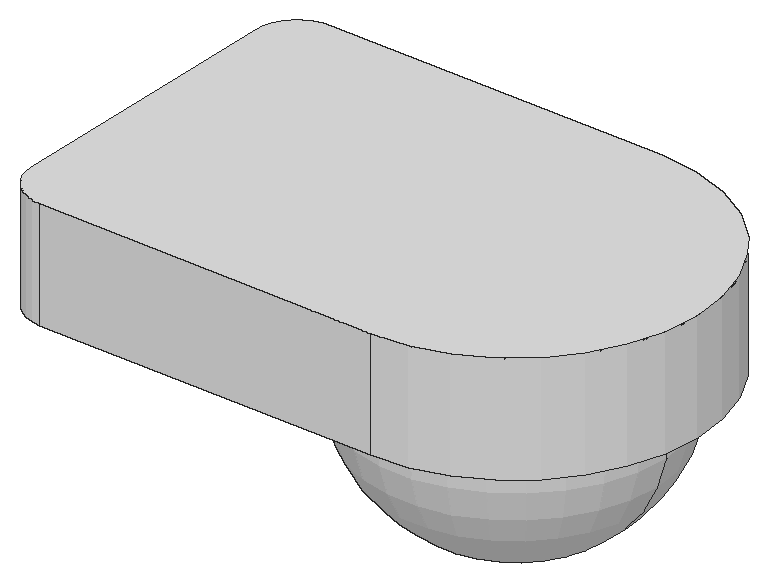
Revit family "252500.02 OSID mottaker 38 grader Tak", category Fire Alarm Devices, Revit 2016
Family settings
  Maintain Annotation Orientation = No
  Part Type = Normal
  Round Connector Dimension = Use Diameter
  OmniClass Number = 23.85.30.21.11.11.11
  OmniClass Title = Smoke Detectors
  Work Plane-Based = No
  Always vertical = Yes
  Cut with Voids When Loaded = No
  Shared = No
  Room Calculation Point = No
Parameters (values of type "Linjedetektor mottaker")
  Type Comments = "-RY"
  R = CQ Width / 2  # 65 mm
  NVMottaker = yes
  NS8360 = "5423_XN3"
  Manufacturer = "Honeywell"
  Keynote = "XN3"
  H1 = R - 10 mm  # 55 mm
  CQ Høyre = no
  CQFontSymboler = "w"
  CQ Venstre = not(CQ Høyre)  # yes
  CQ Type tekst synlig = yes
  CQ Type = "LD"
  CQ Montering tekst synlig [instance] = no
  CQ Montering [instance] = "HIM"
  CQ Material = Plastic - White
  CQ Width = 130 mm
  CQ Height = 94 mm
  CQ Length = 198 mm
  CQ Coverage Circle Radius = 70000 mm
  CQ Symbol Positive Direction [instance] = yes
  CQ Symbol Offset Side [instance] = 0 mm
  CQ Symbol Offset Out [instance] = 0 mm
  CQ Coverage Circle = no
  CQ 3D Synlig = not(CQ 2D Synlig)  # no
  CQ 2D Synlig = yes
  Assembly Code = "5423"
Reference planes
  plane 1 "Center (Front/Back)": y = 0
  plane 2: z = 0
  plane 3 "Center (Left/Right)": x = 0
  plane 4: z = -94
  plane 5 "foran a": y = -65
  plane 6 "bak a": y = 65
  plane 7 "høyre": x = 99
  plane 8 "Venstre": x = -99
  plane 9: z = -45
  plane 10: z = -39
  plane 11: x = 89
  plane 12: x = 34
Forms (mm)
  Extrusion 1, solid, material "Plastic - White" <- "CQ Material"
    sketch origin (0, 0, 0) x (1, 0, 0) y (0, 1, 0)
      loop
        arc (-84, 65) -> (-94.607, 60.607) -> (-99, 50) r 15
        line (-99, 50) -> (-99, -50)
        arc (-99, -50) -> (-94.607, -60.607) -> (-84, -65) r 15
        line (-84, -65) -> (34, -65)
        arc (34, -65) -> (99, 0) -> (34, 65) r 65
        line (34, 65) -> (-84, 65)
    from 0 to -39
  Revolve 2, solid, material "Plastic - White" <- "CQ Material"
    sketch origin (0, 0, 0) x (1, 0, 0) y (0, 0, 1)
      loop
        line (34, -39) -> (34, -94)
        arc (34, -94) -> (72.891, -77.891) -> (89, -39) r 55
        line (89, -39) -> (34, -39)
      axis (34, -39) -> (34, -94)
    angle from 0 to 360
Lines and regions (mm)
  model lines, style "InvisibleLines"
    curve 1: line (0, 0, 0) -> (0, 0, 5)
Dimensions and locks
  "CQ Height": plane 2 to plane 4
  "CQ Width": plane 6 "bak a" to plane 5 "foran a"
  equal spacing: plane 6 "bak a", plane 1 "Center (Front/Back)", plane 5 "foran a"
  equal spacing: plane 8 "Venstre", plane 3 "Center (Left/Right)", plane 7 "høyre"
  "CQ Length": plane 8 "Venstre" to plane 7 "høyre"
  "H1": plane 10 to plane 4
  "H1": plane 11 to plane 12
  locked: plane 11 to plane 7 "høyre" at 10
  "R": radius of Extrusion 1 sketch curve
  radius of Extrusion 1 sketch curve = 15 mm  (x2)
  aligned and locked: level to plane 2
  aligned and locked: plane 3 "Center (Left/Right)" to nested 1
  aligned and locked: plane 1 "Center (Front/Back)" to nested 1
  aligned and locked: nested 2 to plane 3 "Center (Left/Right)"
  aligned and locked: nested 2 to plane 1 "Center (Front/Back)"
  aligned and locked: level to curve 1
  aligned and locked: plane 3 "Center (Left/Right)" to curve 1
  aligned and locked: Extrusion 1 sketch curve to plane 6 "bak a"
  aligned and locked: Extrusion 1 sketch curve to plane 8 "Venstre"
  aligned and locked: Extrusion 1 to plane 10
  aligned and locked: Revolve 2 sketch curve to plane 12
  aligned and locked: Revolve 2 sketch curve to plane 10
  aligned and locked: plane 12 to Extrusion 1 sketch curve
  aligned and locked: plane 1 "Center (Front/Back)" to Extrusion 1 sketch curve
Automatic sketch dimensions
  level to curve 1 = 5 mm
  Revolve 2 sketch curve to plane 12 = 0 mm
  Revolve 2 sketch curve to plane 11 = 0 mm
  Revolve 2 sketch curve to plane 4 = 11 mm
  level to Revolve 2 sketch curve = 5 mm
Nested families
  nested 1: "Linjedetektor Symbol" at (0, 0, 0), visible <- "CQ 2D Synlig", type "Type 1"
  nested 2: "Coverage Circle" at (0, 0, 0), visible <- "CQ Coverage Circle", type "Type 1"
Connectors
  electrical at (0, 0, 0)
    settings: index 1, voltage 0 V, apparent load 0 VA, apparent load phase1 0 VA, apparent load phase2 0 VA, apparent load phase3 0 VA, power factor 1, load classification "Other", number of poles 1, system type 11, power factor state 1, is connector primary yes, connector utility no, sub classification motor no, connector description ""
Definition of nested family "Linjedetektor Symbol"
  Parameters (values of type "Type 1")
    Type tekst synlig = yes
    Type = "LD"
    Sender = not(Mottaker)  # no
    Mottaker = yes
    Montering tekst synlig = no
    Montering = "HIM"
    CQ Symbol Positive Direction = yes
    CQ Symbol Negative Direction = not(CQ Symbol Positive Direction)  # no
    CQ Symbol Offset Side = 0 mm
    CQ Symbol Offset Out = 0 mm
  Reference planes
    plane 1: y = 0
    plane 2: x = 0
  Dimensions and locks
    "CQ Symbol Offset Side": nested 2 to plane 2
    "CQ Symbol Offset Side": plane 2 to nested 1
    "CQ Symbol Offset Out": plane 1 to nested 1
    "CQ Symbol Offset Out": plane 1 to nested 2
  Nested families
    nested 1: "Linjedetektor Sub" at (0, 0, 0), visible <- "CQ Symbol Positive Direction", type "Type1"
    nested 2: "Linjedetektor Sub" at (0, 0, 0), visible <- "CQ Symbol Negative Direction", type "Type1"
  Definition of nested family "Linjedetektor Sub"
    Parameters (values of type "Type1")
      Type tekst synlig = yes
      Type = "LD"
      Sender = yes
      Mottaker = yes
      Montering tekst synlig = no
      Montering = "HIM"
    Reference planes
      plane 1: y = 0
      plane 2: x = 0
    Lines and regions (mm)
      detail lines
        curve 1: line (-2.5, -2.5, 0) -> (2.5, -2.5, 0)
        curve 2: line (2.5, -2.5, 0) -> (2.5, 2.5, 0)
        curve 3: line (2.5, 2.5, 0) -> (-2.5, 2.5, 0)
        curve 4: line (-2.5, 2.5, 0) -> (-2.5, -2.5, 0)
        curve 5: circle (-1.25, -1.5, 0) r 0.25 normal (0, 0, 1)
        curve 6: line (-1.25, -0.75, 0) -> (-1, 1.5, 0)
        curve 7: arc (-1, 1.5, 0) -> (-1.25, 1.75, 0) -> (-1.5, 1.5, 0) r 0.25
        curve 8: line (-1.5, 1.5, 0) -> (-1.25, -0.75, 0)
        curve 9: line (-1.25, 0.5, 0) -> (-1.25, 1.5, 0)
        curve 13: line (1.25, -0.83, 0) -> (2, 0.469, 0)
        curve 14: line (1.25, -0.83, 0) -> (0.5, 0.469, 0)
        curve 15: arc (0.189, 0.231, 0) -> (1.25, 0.67, 0) -> (2.311, 0.231, 0) r 1.5
      detail lines, visible <- "Type tekst synlig"
        curve 10: line (-2.5, -4.5, 0) -> (2.5, -4.5, 0)
        curve 11: line (-2.5, -4.5, 0) -> (-2.5, -2.5, 0)
        curve 12: line (2.5, -4.5, 0) -> (2.5, -2.5, 0)
      detail lines, visible <- "Sender"
        curve 16: line (0.198, 1.5, 0) -> (2.298, 1.5, 0)
        curve 17: line (2.298, 1.5, 0) -> (1.396, 2.021, 0)
        curve 18: line (2.298, 1.5, 0) -> (1.396, 0.979, 0)
      detail lines, visible <- "Mottaker"
        curve 19: line (2.298, -1.5, 0) -> (0.198, -1.5, 0)
        curve 20: line (0.198, -1.5, 0) -> (1.101, -2.021, 0)
        curve 21: line (0.198, -1.5, 0) -> (1.101, -0.979, 0)
    Nested families
      nested 1: "txt 1_50" at (3.379, 2.424, 0), visible <- "Montering tekst synlig", Type Name <- "Montering", type "txt"
      nested 2: "txt 1_50" at (-1.901, -3.637, 0), visible <- "Type tekst synlig", Type Name <- "Type", type "txt"
        with Type Name "LD"
    Definition of nested family "txt 1_50"
      Parameters (values of type "txt")
        Type Name [instance] = "HIM"
      Reference planes
        plane 1: y = 0
        plane 2: x = 0
      Text (mm)
        label "TXT" at (1.952, 0, 0), shows "Type Name"
Definition of nested family "Coverage Circle"
  Parameters
    Radius = 3250 mm
  Reference planes
    plane 1 "Center (Front/Back)": y = 0
    plane 2: z = 0
    plane 3 "Center (Left/Right)": x = 0
  Lines and regions (mm)
    detail lines, in view "Ref. Level"
      curve 1: circle (0, 0, 0) r 3250 normal (0, 0, 1)
  Dimensions and locks
    "Radius": radius of curve 1
    aligned and locked: plane 1 "Center (Front/Back)" to curve 1
    aligned and locked: plane 3 "Center (Left/Right)" to curve 1
